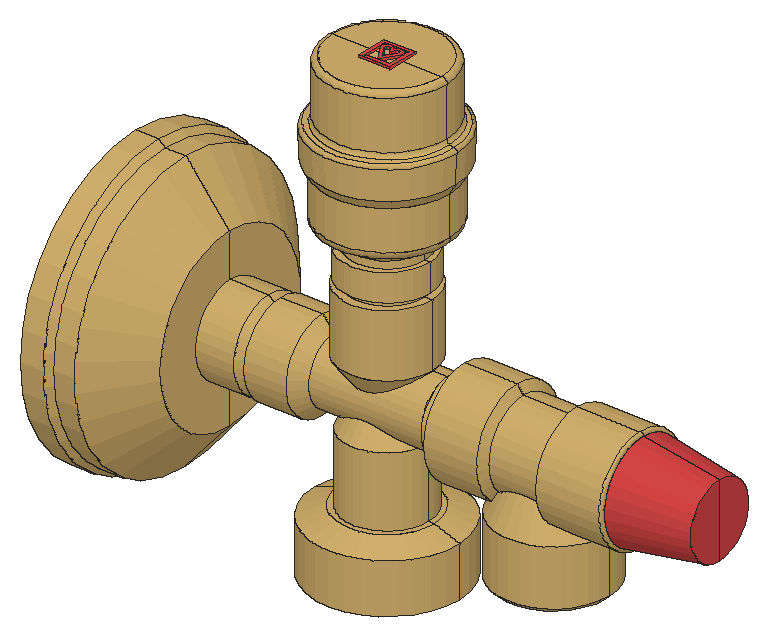
Revit family "Boiler group 2104", category Rohrzubehör, Revit 2020
Family settings
  Bemaßung runder Anschluss = Durchmesser verwenden
  Teiletyp = Normal
  OmniClass-Nummer = 23.65.55.14
  OmniClass-Titel = Valves for Liquid Services
  Arbeitsebenenbasiert = Nein
  Immer vertikal = Ja
  Beim Laden mit Abzugskörper schneiden = Nein
  Gemeinsam genutzt = Nein
Parameters
  min. Operating temperature = -10 °C  # constant formula
  max. Operating temperature = 110 °C  # constant formula
  Weight = 0.663  # constant formula
  Vorgabe-Ansicht = 0.000 mm
  URL = "www.herzvalves.com"
  Thermal insulation = "EPP"  # constant formula
  Safety valve = "forged brass acc. to EN 12165; CW 617N "  # constant formula
  SCRNSEQ = "AWI;AWI_TYP=\"1001\";2"
  SCRNCODE = "02;04;02"  # constant formula
  S08 = 17.700 mm  # constant formula
  S07 = 69.900 mm  # constant formula
  S06 = 42.700 mm  # constant formula
  S05 = 71.000 mm  # constant formula
  S04 = 32.000 mm  # constant formula
  S03 = 45.000 mm  # constant formula
  S02 = L18 + L19  # 95.300 mm
  S01 = 31.800 mm  # constant formula
  R25 = 10.400 mm  # constant formula
  R24 = 13.900 mm  # constant formula
  R23 = 10.400 mm  # constant formula
  R22 = 12.300 mm  # constant formula
  R21 = 14.800 mm  # constant formula
  R20 = 9.300 mm  # constant formula
  R19 = 16.000 mm  # constant formula
  R18 = Nennweite SV / 2  # 10.000 mm
  R17 = 20.800 mm  # constant formula
  R16 = 12.000 mm  # constant formula
  R15 [instance] = Nennweite Anschluss / 2  # 12.500 mm
  R14 = R04  # 10.650 mm
  R13 = 17.900 mm  # constant formula
  R12 = 17.100 mm  # constant formula
  R11 = 12.500 mm  # constant formula
  R10 = R04  # 10.650 mm
  R09 = 13.000 mm  # constant formula
  R08 = R04  # 10.650 mm
  R07 = 9.500 mm  # constant formula
  R06 = 9.300 mm  # constant formula
  R05 = 13.000 mm  # constant formula
  R04 = 21.300 mm / 2  # 10.650 mm
  R03 = 12.700 mm  # constant formula
  R02 = 39.900 mm  # constant formula
  R01 = 41.500 mm  # constant formula
  Pressure gauge = "pressure range display from 0 to 4 bar"  # constant formula
  Part number [instance] = if(Nennweite Anschluss = 25.000 mm, 1210415, 0)  # 1210415
  Opening pressure = 300000.0 Pa  # constant formula
  Nennweite SV = 20.000 mm  # constant formula
  Nennweite Anschluss [instance] = 25.000 mm  # constant formula
  Medium = "water purity in accordance with the ÖNORM H 5195 and VDI 2035 standards"
  L19 = 22.000 mm  # constant formula
  L18 = 73.300 mm  # constant formula
  L17 = 95.300 mm  # constant formula
  L16 = 21.400 mm  # constant formula
  L15 = 47.800 mm  # constant formula
  L14 = 31.500 mm  # constant formula
  L13 = 46.500 mm  # constant formula
  L12 = 29.500 mm  # constant formula
  L11 = 31.200 mm  # constant formula
  L10 = 86.000 mm  # constant formula
  L09 = 20.700 mm  # constant formula
  L08 = 37.200 mm  # constant formula
  L07 = 27.700 mm  # constant formula
  L06 = 34.400 mm  # constant formula
  L05 = 19.400 mm  # constant formula
  L04 = 30.600 mm  # constant formula
  L03 = 52.400 mm  # constant formula
  L02 = 27.000 mm  # constant formula
  L01 = 72.000 mm  # constant formula
  Hersteller = "Herz-Armaturen GmbH"  # constant formula
  Field of application = "The boiler group consists of basic safety elements that are used in boiler installations for central heating up to 50 kW (safety valve, vent plug, pressure gauge)."
  Connection piece = "forged brass acc. to EN 12165; CW 617N "  # constant formula
  Air vent = "forged brass acc. to EN 12165; CW 617N"  # constant formula
Reference planes
  plane 1 "Mitte (Vorne/hinten)": y = 0
  plane 2: z = 0
  plane 3 "Mitte (Links/rechts)": x = 0
Forms (mm)
  Revolve 1, solid, material "Messing", detail levels fine
    sketch origin (0, 0, 0) x (1, 0, 0) y (0, 0, 1)
      loop
        line (-72, 41.5) -> (-72, 0) -> (-19.6, 0) -> (-19.6, 9.485) -> (-20.765, 10.65) -> (-31.58, 10.65) -> (-33.8, 12.7) -> (-45, 12.7) -> (-45, 25.131) -> (-57.8, 39.9) -> (-63.8, 39.9) -> (-65.4, 41.5) -> (-72, 41.5)
      axis (-72, 0) -> (-19.6, 0)
    angle from 0 to 360
  Revolve 2, solid, material "Messing", detail levels fine
    sketch origin (0, 0, 0) x (1, 0, 0) y (0, 0, 1)
      loop
        line (-30.6, 13) -> (-30.6, 10.465) -> (-29.435, 9.3) -> (-19.4, 9.3) -> (-19.4, 0) -> (34.4, 0) -> (34.4, 9.485) -> (33.235, 10.65) -> (18.4, 10.65) -> (17.42, 9.5) -> (-15.065, 9.5) -> (-18.565, 13) -> (-30.6, 13)
      axis (-30.6, 0) -> (34.4, 0)
    angle from 0 to 360
  Revolve 3, solid, material "Messing", detail levels fine
    sketch origin (0, 0, 0) x (1, 0, 0) y (0, 0, 1)
      loop
        line (0, 0) -> (-6, 0) -> (-12, -9.5) -> (-12, -29.5) -> (-13.65, -29.5) -> (-20.8, -32.25) -> (-20.8, -46.5) -> (-12.5, -46.5) -> (-12.5, -33.02) -> (0, -33.02) -> (0, 0)
      axis (0, 0) -> (0, -46.5)
    angle from 0 to 360
  Revolve 4, solid, material "Messing", detail levels fine
    sketch origin (0, 0, 0) x (1, 0, 0) y (0, 0, 1)
      loop
        line (0, 31.2) -> (0, 86) -> (-15.6, 86)
        arc (-15.6, 86) -> (-16.661, 85.561) -> (-17.1, 84.5) r 1.5
        line (-17.1, 84.5) -> (-17.1, 70.6)
        arc (-17.1, 70.6) -> (-17.278, 69.797) -> (-17.778, 69.145) r 1.899
        line (-17.778, 69.145) -> (-19.197, 68.844)
        arc (-19.197, 68.844) -> (-19.771, 68.418) -> (-19.974, 67.733) r 1.128
        line (-19.974, 67.733) -> (-19.7, 59.5) -> (-17.9, 56.7) -> (-17.9, 45.325)
        arc (-17.9, 45.325) -> (-17.131, 43.469) -> (-15.275, 42.7) r 2.625
        line (-15.275, 42.7) -> (-10.65, 39.2) -> (-10.65, 32.365) -> (-9.485, 31.2) -> (0, 31.2)
      axis (0, 86) -> (0, 31.2)
    angle from 0 to 360
  Revolve 5, solid, material "Messing", detail levels fine
    sketch origin (0, 0, 0) x (1, 0, 0) y (0, 0, 1)
      loop
        line (-12.5, 37.2) -> (-12.5, 29.435) -> (-10.65, 28.7) -> (-10.65, 21.865) -> (-9.485, 20.7) -> (0, 20.7) -> (0, 37.2) -> (-12.5, 37.2)
      axis (0, 37.2) -> (0, 20.7)
    angle from 0 to 360
  Revolve 6, solid, material "Messing", detail levels fine
    sketch origin (0, 0, 0) x (1, 0, 0) y (0, 0, 1)
      loop
        line (-13, 27.7) -> (-13, 9.525) -> (-6, 0) -> (0, 0) -> (0, 27.7) -> (-13, 27.7)
      axis (0, 27.7) -> (0, 0)
    angle from 0 to 360
  Revolve 7, solid, material "Messing", detail levels fine
    sketch origin (0, 0, 0) x (1, 0, 0) y (0, 0, 1)
      loop
        line (21.4, 9.3) -> (36.4, 9.3) -> (36.4, 0) -> (73.278, 0) -> (73.278, 13.893)
        arc (73.278, 13.893) -> (73.1, 14.525) -> (72.504, 14.8) r 0.784
        line (72.504, 14.8) -> (54.504, 14.8) -> (53.049, 12.3) -> (38.855, 12.3) -> (37.4, 14.8) -> (22.295, 14.8) -> (21.4, 13.25) -> (21.4, 9.3)
      axis (21.4, 0) -> (73.278, 0)
    angle from 0 to 360
  Revolve 8, solid, material "Messing", detail levels fine
    sketch origin (0, 0, 0) x (1, 0, 0) y (0, 0, 1)
      loop
        line (47.8, -18.34) -> (47.8, 0) -> (39.55, 0) -> (31.8, -14.5) -> (31.8, -30.5) -> (32.8, -31.5) -> (37.8, -31.5) -> (37.8, -18.34) -> (47.8, -18.34)
      axis (47.8, 0) -> (47.8, -31.5)
    angle from 0 to 360
  Revolve 9, solid, material "Kunststoff - Rot", detail levels fine
    sketch origin (0, 0, 0) x (1, 0, 0) y (0, 0, 1)
      loop
        line (95.278, 0) -> (95.278, 10.4) -> (73.3, 13.9) -> (73.3, 0) -> (95.278, 0)
      axis (73.3, 0) -> (95.278, 0)
    angle from 0 to 360
Lines and regions (mm)
  model lines, detail levels coarse+medium
    curve 1: line (20.8, 0, -47.5) -> (-20.8, 0, -47.5)
    curve 2: line (0, 0, -47.5) -> (0, 0, 24.8)
    curve 3: line (-18, 0, 0) -> (21.4, 0, 0)
    curve 4: line (21.4, 0, 14.8) -> (21.4, 0, -14.8)
    curve 5: line (21.4, 0, -14.8) -> (47.8, 0, 0)
    curve 6: line (47.8, 0, 0) -> (21.4, 0, 14.8)
    curve 7: line (47.8, 0, 0) -> (31.8, 0, -31.5)
    curve 8: line (31.8, 0, -31.5) -> (63.8, 0, -31.5)
    curve 9: line (63.8, 0, -31.5) -> (47.8, 0, 0)
    curve 10: line (47.8, 0, 0) -> (95.3, 0, 0)
    curve 16: line (0, 0, 87.6) -> (-17.7, 0, 69.9)
    curve 17: circle (0, 0, 42.7) r 17.9 normal (0, -1, 0)
    curve 18: line (0, 0, 60.6) -> (0, 0, 87.6)
    curve 19: line (0, 0, 87.6) -> (17.7, 0, 69.9)
    curve 20: line (-60.91, 0, -15.91) -> (-29.09, 0, 15.91)
    curve 21: line (-29.09, 0, 15.91) -> (-29.09, 0, 5.91)
    curve 22: line (-29.09, 0, 15.91) -> (-39.09, 0, 15.91)
    curve 23: line (-20.8, -46.5, 0) -> (20.8, -46.5, 0)
    curve 24: line (0, -46.5, 0) -> (0, 24.8, 0)
    curve 25: circle (0, 42.7, 0) r 17.9 normal (0, 0, 1)
    curve 26: line (-0.022, 60.6, 0) -> (-0.022, 87.578, 0)
    curve 27: line (-0.022, 87.578, 0) -> (-17.7, 69.9, 0)
    curve 28: line (0.022, 87.578, 0) -> (17.7, 69.9, 0)
    curve 29: circle (-45, 0, 0) r 27 normal (0, 0, 1)
    curve 30: line (-60.91, -15.91, 0) -> (-29.09, 15.91, 0)
    curve 31: line (-29.09, 15.91, 0) -> (-29.09, 5.91, 0)
    curve 32: line (-29.09, 15.91, 0) -> (-39.09, 15.91, 0)
    curve 33: line (-18, 0, 0) -> (20.505, 0, 0)
    curve 34: line (21.4, 14.8, 0) -> (21.4, -14.8, 0)
    curve 35: line (21.4, -14.8, 0) -> (47.8, 0, 0)
    curve 36: line (47.8, 0, 0) -> (21.4, 14.8, 0)
    curve 37: line (47.8, 0, 0) -> (95.3, 0, 0)
    curve 38: line (71, 10.619, 0) -> (63.27, -10.619, 0)
    curve 39: line (79, 10.619, 0) -> (71.27, -10.619, 0)
    curve 40: line (87, 10.619, 0) -> (79.27, -10.619, 0)
    curve 41: line (95, 10.619, 0) -> (87.27, -10.619, 0)
    curve 42: line (47.8, 0, 0) -> (31.8, -31.5, 0)
    curve 43: line (31.8, -31.5, 0) -> (63.8, -31.5, 0)
    curve 44: line (63.8, -31.5, 0) -> (47.8, 0, 0)
  model lines
    curve 11: line (95, 0, 10.596) -> (87.287, 0, -10.596)
    curve 12: line (87, 0, 10.596) -> (79.287, 0, -10.596)
    curve 13: line (79, 0, 10.596) -> (71.287, 0, -10.596)
    curve 14: line (71, 0, 10.596) -> (63.287, 0, -10.596)
    curve 15: circle (-45, 0, 0) r 27 normal (0, -1, 0)
Dimensions and locks
  "R01": Revolve 1 sketch curve to Revolve 1 sketch curve
  "L01": plane 3 "Mitte (Links/rechts)" to Revolve 1 sketch curve
  "L02": Revolve 1 sketch curve to Revolve 1 sketch curve
  "R02": Revolve 1 sketch curve to Revolve 1 sketch curve
  "R03": Revolve 1 sketch curve to Revolve 1 sketch curve
  "L03": Revolve 1 sketch curve to Revolve 1 sketch curve
  "R04": Revolve 1 sketch curve to Revolve 1 sketch curve
  "L04": plane 3 "Mitte (Links/rechts)" to Revolve 2 sketch curve
  "R05": Revolve 2 sketch curve to Revolve 2 sketch curve
  "R06": Revolve 2 sketch curve to Revolve 2 sketch curve
  "R07": Revolve 2 sketch curve to Revolve 2 sketch curve
  "R08": Revolve 2 sketch curve to Revolve 2 sketch curve
  "L05": plane 3 "Mitte (Links/rechts)" to Revolve 2 sketch curve
  "L06": Revolve 2 sketch curve to plane 3 "Mitte (Links/rechts)"
  "R09": Revolve 6 sketch curve to Revolve 6 sketch curve
  "L07": Revolve 6 sketch curve to Revolve 6 sketch curve
  "L09": Revolve 5 sketch curve to Revolve 6
  "L08": Revolve 5 sketch curve to Revolve 6
  "R11": Revolve 5 sketch curve to Revolve 5 sketch curve
  "R10": Revolve 5 sketch curve to Revolve 5 sketch curve
  "R12": Revolve 4 sketch curve to Revolve 4 sketch curve
  "R13": Revolve 4 sketch curve to Revolve 4 sketch curve
  "R14": Revolve 4 sketch curve to Revolve 4 sketch curve
  "L11": Revolve 4 sketch curve to Revolve 6
  "L10": Revolve 4 sketch curve to Revolve 6
  "L13": Revolve 3 sketch curve to Revolve 3 sketch curve
  "L12": Revolve 3 sketch curve to Revolve 3 sketch curve
  "R16": Revolve 3 sketch curve to Revolve 3 sketch curve
  "R17": Revolve 3 sketch curve to Revolve 3 sketch curve
  "R15": Revolve 3 sketch curve to Revolve 3 sketch curve
  "R19": Revolve 8 sketch curve to Revolve 8 sketch curve
  "R18": Revolve 8 sketch curve to Revolve 8 sketch curve
  "L14": Revolve 8 sketch curve to Revolve 8 sketch curve
  "L15": Revolve 8 sketch curve to plane 3 "Mitte (Links/rechts)"
  "L16": Revolve 7 sketch curve to plane 3 "Mitte (Links/rechts)"
  "R20": Revolve 7 sketch curve to Revolve 7 sketch curve
  "R21": Revolve 7 sketch curve to Revolve 7 sketch curve  (x2)
  "R22": Revolve 7 sketch curve to Revolve 7 sketch curve
  "R25": Revolve 9 sketch curve to Revolve 9 sketch curve
  "R24": Revolve 9 sketch curve to Revolve 9 sketch curve
  "L19": Revolve 9 sketch curve to Revolve 7
  "L18": plane 3 "Mitte (Links/rechts)" to Revolve 9 sketch curve
  "R17": curve 1 to plane 3 "Mitte (Links/rechts)" to curve 1
  "L13": plane 2 to Revolve 3
  "S06": curve 17 to plane 2
  "S07": curve 16 to plane 2
  "S07": curve 19 to plane 2
  "S08": curve 19 to plane 3 "Mitte (Links/rechts)"
  "S08": plane 3 "Mitte (Links/rechts)" to curve 16
  "S03": plane 3 "Mitte (Links/rechts)" to curve 15
  "L16": curve 4 to plane 3 "Mitte (Links/rechts)"
  "R21": curve 6 to plane 2 to curve 5
  "L15": curve 10 to plane 3 "Mitte (Links/rechts)"
  "L14": plane 2 to curve 8
  "S01": curve 8 to plane 3 "Mitte (Links/rechts)"
  "S04": curve 8 to curve 9
  "S02": curve 10 to plane 3 "Mitte (Links/rechts)"
  equal spacing: curve 14, plane 2, curve 14
  equal spacing: curve 13, plane 2, curve 13
  equal spacing: curve 12, plane 2, curve 12
  equal spacing: curve 11, plane 2, curve 11
  curve 11 to curve 12 = 8.000 mm
  curve 12 to curve 13 = 8.000 mm
  curve 13 to curve 14 = 8.000 mm
  "S05": curve 14 to plane 3 "Mitte (Links/rechts)"
  "S07": plane 1 "Mitte (Vorne/hinten)" to curve 27
  "S08": curve 27 to plane 3 "Mitte (Links/rechts)"
  "S08": plane 3 "Mitte (Links/rechts)" to curve 28
  "S07": plane 1 "Mitte (Vorne/hinten)" to curve 28
  "S06": plane 1 "Mitte (Vorne/hinten)" to curve 25
  "R17": curve 23 to plane 3 "Mitte (Links/rechts)" to curve 23
  "L13": curve 23 to plane 1 "Mitte (Vorne/hinten)"
  "S03": curve 29 to plane 3 "Mitte (Links/rechts)"
  "L16": plane 3 "Mitte (Links/rechts)" to curve 34
  "R21": plane 1 "Mitte (Vorne/hinten)" to curve 36
  "R21": curve 35 to plane 1 "Mitte (Vorne/hinten)"
  "L15": plane 3 "Mitte (Links/rechts)" to curve 36
  "S02": plane 3 "Mitte (Links/rechts)" to curve 37
  equal spacing: curve 38, plane 1 "Mitte (Vorne/hinten)", curve 38
  "S05": plane 3 "Mitte (Links/rechts)" to curve 38
  equal spacing: curve 39, plane 1 "Mitte (Vorne/hinten)", curve 39
  curve 38 to curve 39 = 8.000 mm
  equal spacing: curve 40, plane 1 "Mitte (Vorne/hinten)", curve 40
  curve 40 to curve 39 = 8.000 mm
  curve 41 to curve 40 = 8.000 mm
  equal spacing: curve 41, plane 1 "Mitte (Vorne/hinten)", curve 41
  "L14": curve 43 to plane 1 "Mitte (Vorne/hinten)"
  "S01": plane 3 "Mitte (Links/rechts)" to curve 43
  "S04": curve 43 to curve 44
  "R13": radius of curve 17
  "L02": radius of curve 15
  "R13": radius of curve 25
  "L02": radius of curve 29
  angle curve 16 to curve 18 = 45.00°
  angle plane 3 "Mitte (Links/rechts)" to curve 19 = 45.00°
  angle curve 20 to curve 21 = 45.00°
  angle plane 2 to curve 11 = 70.00°
  angle plane 2 to curve 12 = 70.00°
  angle plane 2 to curve 13 = 70.00°
  angle plane 2 to curve 14 = 70.00°
  angle curve 27 to curve 26 = 45.0005°
  angle curve 26 to curve 28 = 45.0005°
  angle curve 30 to curve 31 = 45.00°
  angle plane 1 "Mitte (Vorne/hinten)" to curve 38 = 70.00°
  angle plane 1 "Mitte (Vorne/hinten)" to curve 39 = 70.00°
  angle plane 1 "Mitte (Vorne/hinten)" to curve 40 = 70.00°
  angle plane 1 "Mitte (Vorne/hinten)" to curve 41 = 70.00°
  aligned and locked: level to plane 2
Automatic sketch dimensions
  curve 17 to plane 3 "Mitte (Links/rechts)" = 0.000 mm
  curve 2 to plane 3 "Mitte (Links/rechts)" = 0.000 mm
  curve 7 to level = 0.000 mm
  curve 15 to level = 0.000 mm
  curve 3 to level = 0.000 mm
  curve 20 to curve 3 = 11.090 mm
  level to curve 22 = 15.910 mm
  curve 22 to curve 20 = 10.000 mm
  curve 1 to curve 7 = 16.000 mm
  curve 24 to plane 3 "Mitte (Links/rechts)" = 0.000 mm
  plane 1 "Mitte (Vorne/hinten)" to curve 33 = 0.000 mm
  plane 1 "Mitte (Vorne/hinten)" to curve 42 = 0.000 mm
  plane 1 "Mitte (Vorne/hinten)" to curve 29 = 0.000 mm
  curve 30 to curve 33 = 11.090 mm
  curve 25 to plane 3 "Mitte (Links/rechts)" = 0.000 mm
  curve 32 to plane 1 "Mitte (Vorne/hinten)" = 15.910 mm
  curve 32 to curve 30 = 10.000 mm
  curve 33 to curve 34 = 0.895 mm
  Revolve 1 sketch curve to level = 0.000 mm  (x2)
  Revolve 1 sketch curve to Revolve 1 sketch curve = 6.600 mm
  Revolve 1 sketch curve to Revolve 1 sketch curve = 1.600 mm
  Revolve 1 sketch curve to Revolve 1 sketch curve = 6.000 mm
  Revolve 1 sketch curve to Revolve 1 sketch curve = 11.200 mm
  Revolve 1 sketch curve to Revolve 1 sketch curve = 2.220 mm
  Revolve 1 sketch curve to Revolve 1 sketch curve = 1.165 mm  (x2)
  Revolve 1 sketch curve to Revolve 1 sketch curve = 12.431 mm
  Revolve 1 sketch curve to Revolve 1 sketch curve = 1279.990 mm
  plane 3 "Mitte (Links/rechts)" to Revolve 1 sketch curve = 1898.983 mm
  Revolve 2 sketch curve to level = 0.000 mm  (x2)
  Revolve 2 sketch curve to Revolve 2 sketch curve = 1.165 mm  (x4)
  Revolve 2 sketch curve to Revolve 2 sketch curve = 0.835 mm
  Revolve 2 sketch curve to Revolve 2 sketch curve = 4.335 mm
  Revolve 2 sketch curve to Revolve 2 sketch curve = 16.980 mm
  Revolve 2 sketch curve to Revolve 2 sketch curve = 0.980 mm
  Revolve 2 sketch curve to Revolve 2 sketch curve = 1321.410 mm
  Revolve 2 sketch curve to Revolve 2 sketch curve = 1864.563 mm
  Revolve 3 sketch curve to level = 0.000 mm
  Revolve 3 sketch curve to plane 3 "Mitte (Links/rechts)" = 0.000 mm  (x2)
  Revolve 3 sketch curve to Revolve 3 sketch curve = 1.650 mm
  Revolve 3 sketch curve to Revolve 3 sketch curve = 6.000 mm
  Revolve 3 sketch curve to Revolve 3 sketch curve = 3.520 mm
  Revolve 3 sketch curve to Revolve 3 sketch curve = 2.750 mm
  Revolve 3 sketch curve to level = 9.500 mm
  Revolve 3 sketch curve to Revolve 3 sketch curve = 319.545 mm
  level to Revolve 3 sketch curve = 2214.315 mm
  Revolve 4 sketch curve to plane 3 "Mitte (Links/rechts)" = 0.000 mm  (x2)
  Revolve 4 sketch curve to Revolve 4 sketch curve = 1.747 mm
  Revolve 4 sketch curve to Revolve 4 sketch curve = 1.899 mm
  Revolve 4 sketch curve to Revolve 4 sketch curve = 0.350 mm
  Revolve 4 sketch curve to Revolve 4 sketch curve = 1.800 mm
  Revolve 4 sketch curve to Revolve 4 sketch curve = 1.128 mm
  Revolve 4 sketch curve to Revolve 4 sketch curve = 1.419 mm
  Revolve 4 sketch curve to Revolve 4 sketch curve = 1.500 mm
  Revolve 4 sketch curve to Revolve 4 sketch curve = 2.625 mm
  Revolve 4 sketch curve to Revolve 4 sketch curve = 1.165 mm  (x2)
  Revolve 4 sketch curve to Revolve 4 sketch curve = 6.835 mm
  Revolve 4 sketch curve to Revolve 4 sketch curve = 3.500 mm
  Revolve 4 sketch curve to Revolve 4 sketch curve = 11.375 mm
  Revolve 4 sketch curve to Revolve 4 sketch curve = 2.800 mm
  Revolve 4 sketch curve to Revolve 4 sketch curve = 8.233 mm
  Revolve 4 sketch curve to Revolve 4 sketch curve = 0.038 mm
  Revolve 4 sketch curve to Revolve 4 sketch curve = 0.302 mm
  Revolve 4 sketch curve to level = 366.045 mm
  Revolve 4 sketch curve to Revolve 4 sketch curve = 2128.315 mm
  Revolve 5 sketch curve to plane 3 "Mitte (Links/rechts)" = 0.000 mm  (x2)
  Revolve 5 sketch curve to Revolve 5 sketch curve = 1.165 mm  (x2)
  Revolve 5 sketch curve to Revolve 5 sketch curve = 6.835 mm
  Revolve 5 sketch curve to Revolve 5 sketch curve = 0.735 mm
  Revolve 5 sketch curve to level = 366.045 mm
  Revolve 5 sketch curve to Revolve 5 sketch curve = 2177.115 mm
  Revolve 6 sketch curve to level = 0.000 mm
  Revolve 6 sketch curve to plane 3 "Mitte (Links/rechts)" = 0.000 mm  (x2)
  Revolve 6 sketch curve to plane 3 "Mitte (Links/rechts)" = 6.000 mm
  level to Revolve 6 sketch curve = 9.525 mm
  Revolve 6 sketch curve to level = 366.045 mm
  Revolve 6 sketch curve to Revolve 6 sketch curve = 2186.615 mm
  Revolve 7 sketch curve to level = 0.000 mm  (x2)
  Revolve 7 sketch curve to Revolve 7 sketch curve = 0.895 mm
  Revolve 7 sketch curve to Revolve 7 sketch curve = 15.000 mm
  Revolve 7 sketch curve to Revolve 7 sketch curve = 1.000 mm
  Revolve 7 sketch curve to Revolve 7 sketch curve = 1.455 mm  (x2)
  Revolve 7 sketch curve to Revolve 7 sketch curve = 14.194 mm
  Revolve 7 sketch curve to Revolve 7 sketch curve = 18.000 mm
  Revolve 7 sketch curve to Revolve 7 sketch curve = 0.774 mm
  Revolve 7 sketch curve to Revolve 7 sketch curve = 1.550 mm
  Revolve 7 sketch curve to Revolve 7 sketch curve = 0.907 mm
  Revolve 7 sketch curve to plane 3 "Mitte (Links/rechts)" = 1351.990 mm
  Revolve 7 sketch curve to Revolve 7 sketch curve = 1825.705 mm
  Revolve 8 sketch curve to level = 0.000 mm  (x2)
  Revolve 8 sketch curve to Revolve 8 sketch curve = 0.000 mm  (x2)
  Revolve 8 sketch curve to Revolve 8 sketch curve = 8.250 mm
  Revolve 8 sketch curve to Revolve 8 sketch curve = 1.000 mm  (x2)
  Revolve 8 sketch curve to Revolve 8 sketch curve = 13.160 mm
  Revolve 8 sketch curve to Revolve 8 sketch curve = 3.840 mm
  Revolve 9 sketch curve to level = 0.000 mm  (x2)
  Revolve 9 sketch curve to plane 3 "Mitte (Links/rechts)" = 1351.990 mm
  Revolve 9 sketch curve to Revolve 9 sketch curve = 1803.683 mm
Nested families
  nested 1: "Herz-Logo" at (0, 0, 85), type "Herz-Logo", detail levels fine
Connectors
  piping at (0, 0, -33.02), diameter 25, driven by "Nennweite Anschluss"
    settings: on Revolve 3, index 1, connector inside diameter 609.6 mm, connector length 0.000 mm, flow factor 0, pipe flow 0.0 L/s, pressure drop 0.0 Pa, fitting loss kfactor 0, connector angle 0.00°, fixture units 0, engagement length 0.000 mm, angle of deflection 0.00°, flow configuration 0, flow direction 1, fitting loss method 0, system type 29, joint type 0, gender type 0, connector reference index -1, connector utility 0, adjustable connector no, is connector primary yes, connector description ""
  piping at (47.8, 0, -18.34), diameter 20, driven by "Nennweite SV"
    settings: on Revolve 8, index 2, connector inside diameter 609.6 mm, connector length 0.000 mm, flow factor 0, pipe flow 0.0 L/s, pressure drop 0.0 Pa, fitting loss kfactor 0, connector angle 0.00°, fixture units 0, engagement length 0.000 mm, angle of deflection 0.00°, flow configuration 0, flow direction 2, fitting loss method 0, system type 29, joint type 0, gender type 0, connector reference index -1, connector utility 0, adjustable connector no, is connector primary no, connector description ""
Definition of nested family "Herz-Logo"
  Parameters (values of type "Herz-Logo")
    Default Elevation = 0.000 mm
  Reference planes
    plane 1 "Mitte (Vorne/hinten)": y = 0
    plane 2: z = 0
    plane 3 "Mitte (Links/rechts)": x = 0
  Forms (mm)
    Extrusion 1, solid
      sketch origin (0, 0, 0) x (1, 0, 0) y (0, 1, 0)
        loop
          line (-0.018, -4.517) -> (4.482, -4.517) -> (4.482, 4.483) -> (-4.518, 4.483) -> (-4.518, -4.517) -> (-0.018, -4.517)
        loop
          line (-0.05, -3.48) -> (3.482, -3.48) -> (3.482, 3.483) -> (-3.518, 3.483) -> (-3.518, -3.48) -> (-0.05, -3.48)
        loop
          arc (-0.018, 2.383) -> (-1.543, 3.287) -> (-3.067, 2.383) r 1.738
          arc (-3.067, 2.383) -> (-3.191, 1.899) -> (-3.067, 1.415) r 1.009
          line (-3.067, 1.415) -> (-0.018, -3.281) -> (3.032, 1.415)
          arc (3.032, 1.415) -> (3.156, 1.899) -> (3.032, 2.383) r 1.009
          arc (3.032, 2.383) -> (1.507, 3.287) -> (-0.018, 2.383) r 1.738
        loop
          arc (1.885, 1.272) -> (2.005, 1.675) -> (1.885, 2.079) r 0.74
          arc (1.885, 2.079) -> (1.265, 2.416) -> (0.644, 2.079) r 0.74
          line (0.644, 2.079) -> (-0.018, 0.97) -> (-0.679, 2.079)
          arc (-0.679, 2.079) -> (-1.3, 2.416) -> (-1.921, 2.079) r 0.74
          arc (-1.921, 2.079) -> (-2.04, 1.675) -> (-1.921, 1.272) r 0.74
          line (-1.921, 1.272) -> (-0.018, -1.658) -> (1.885, 1.272)
      from 0 to 1.5
  Dimensions and locks
    aligned and locked: level to plane 2
